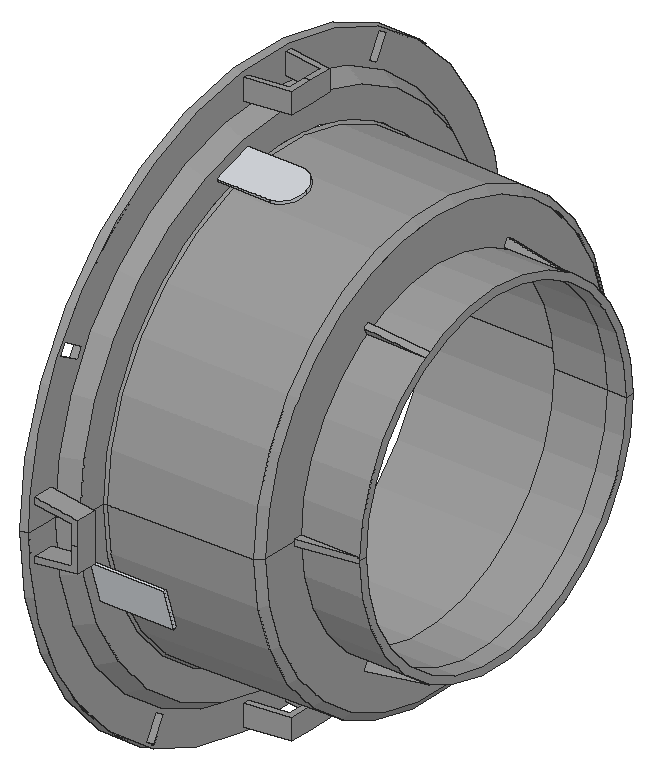
Revit family "CC100-X-Version1", category Pipe Accessories, Revit 2016
Family settings
  Part Type = Breaks Into
  Round Connector Dimension = Use Diameter
  Work Plane-Based = No
  Always vertical = No
  Cut with Voids When Loaded = No
  Shared = No
Parameters
  URL = "www.combatcollars.com.au"
  Model = "CC100-X"
  Manufacturer = "Combat Collars"
  Keynote = "The 'X' in the Model number should refer to either 'P' or 'G' (Purple or Green) depending on supplier."
  Description = "Combat Collar Clean 100"
Reference planes
  plane 1 "Center (Front/Back)": y = 0
  plane 2: z = 0
  plane 3 "Center (Left/Right)": x = -140
  plane 4: x = -230
  plane 5: x = -192.671
  plane 6: y = 90.593
  plane 7: y = -50
  plane 8: y = 100.593
  plane 9: y = -60
  plane 10: x = -212.35
  plane 11: x = -79.975
Forms (mm)
  Revolve 1, solid, material "PVC-Grey", detail levels medium+fine
    sketch origin (0, 0, 0) x (1, 0, 0) y (0, 1, 0)
      loop
        line (-150, 57.455) -> (-170, 57.455) -> (-170, 71.967) -> (-172.043, 74.56) -> (-221.025, 75.439) -> (-221.787, 76.201) -> (-221.871, 85.938) -> (-227.545, 89.325) -> (-227.545, 100.163) -> (-230, 100.756) -> (-229.916, 87.632) -> (-224.327, 84.414) -> (-224.242, 63.5) -> (-174.318, 63.5) -> (-174.318, 55) -> (-156.504, 55) -> (-150, 55) -> (-150, 57.455)
      axis (-230, 0) -> (-150, 0)
    angle from 0 to 360
  Extrusion 2, solid, material "PVC-White", not visible, detail levels fine
    sketch origin (0, 0, 0) x (1, 0, 0) y (0, 0, 1)
      loop
        line (-80, 60.418) -> (-227.967, 86.048) -> (-227.967, 69.12) -> (-80, 60.418)
    from -1.5 to 1.5
  Extrusion 3, solid, material "PVC-White", not visible, detail levels fine
    sketch origin (0, 0, 0) x (1, 0, 0) y (0, -0.5, 0.866025)
      loop
        line (-80, 60.418) -> (-227.967, 86.048) -> (-227.967, 69.12) -> (-80, 60.418)
    from -1.5 to 1.5
  Extrusion 4, solid, material "PVC-White", not visible, detail levels fine
    sketch origin (0, 0, 0) x (1, 0, 0) y (0, -0.866025, 0.5)
      loop
        line (-80, 60.418) -> (-227.967, 86.048) -> (-227.967, 69.12) -> (-80, 60.418)
    from -1.5 to 1.5
  Extrusion 5, solid, material "PVC-White", not visible, detail levels fine
    sketch origin (0, 0, 0) x (0, -1, 0) y (-1, 0, 0)
      loop
        line (60.418, 80) -> (86.048, 227.967) -> (69.12, 227.967) -> (60.418, 80)
    from -1.5 to 1.5
  Extrusion 6, solid, material "PVC-White", not visible, detail levels fine
    sketch origin (0, 0, 0) x (1, 0, 0) y (0, -0.866025, -0.5)
      loop
        line (-80, 60.418) -> (-227.967, 86.048) -> (-227.967, 69.12) -> (-80, 60.418)
    from -1.5 to 1.5
  Extrusion 7, solid, material "PVC-White", not visible, detail levels fine
    sketch origin (0, 0, 0) x (1, 0, 0) y (0, -0.5, -0.866025)
      loop
        line (-80, 60.418) -> (-227.967, 86.048) -> (-227.967, 69.12) -> (-80, 60.418)
    from -1.5 to 1.5
  Extrusion 8, solid, material "PVC-White", not visible, detail levels fine
    sketch origin (0, 0, 0) x (1, 0, 0) y (0, 0, -1)
      loop
        line (-80, 60.418) -> (-227.967, 86.048) -> (-227.967, 69.12) -> (-80, 60.418)
    from -1.5 to 1.5
  Extrusion 9, solid, material "PVC-White", not visible, detail levels fine
    sketch origin (0, 0, 0) x (1, 0, 0) y (0, 0.5, -0.866025)
      loop
        line (-80, 60.418) -> (-227.967, 86.048) -> (-227.967, 69.12) -> (-80, 60.418)
    from -1.5 to 1.5
  Extrusion 10, solid, material "PVC-White", not visible, detail levels fine
    sketch origin (0, 0, 0) x (1, 0, 0) y (0, 0.866025, -0.5)
      loop
        line (-80, 60.418) -> (-227.967, 86.048) -> (-227.967, 69.12) -> (-80, 60.418)
    from -1.5 to 1.5
  Extrusion 11, solid, material "PVC-White", not visible, detail levels fine
    sketch origin (0, 0, 0) x (1, 0, 0) y (0, 1, 0)
      loop
        line (-80, 60.418) -> (-227.967, 86.048) -> (-227.967, 69.12) -> (-80, 60.418)
    from -1.5 to 1.5
  Extrusion 12, solid, material "PVC-White", not visible, detail levels fine
    sketch origin (0, 0, 0) x (1, 0, 0) y (0, 0.866025, 0.5)
      loop
        line (-80, 60.418) -> (-227.967, 86.048) -> (-227.967, 69.12) -> (-80, 60.418)
    from -1.5 to 1.5
  Extrusion 13, solid, material "PVC-White", not visible, detail levels fine
    sketch origin (0, 0, 0) x (1, 0, 0) y (0, 0.5, 0.866025)
      loop
        line (-80, 60.418) -> (-227.967, 86.048) -> (-227.967, 69.12) -> (-80, 60.418)
    from -1.5 to 1.5
  Extrusion 14, solid, material "PVC-Grey"
    sketch origin (0, -16.749, 29.009) x (1, 0, 0) y (0, -0.5, 0.866025)
      loop
        line (-170.044, 26.962) -> (-170.044, 23.962) -> (-150, 23.962) -> (-170.044, 26.962)
    from -1 to 1
  Extrusion 15, solid, material "PVC-Purple", not visible
    sketch origin (0, -26.931, 15.549) x (1, 0, 0) y (0, -0.866025, 0.5)
      loop
        line (-180.974, 34.377) -> (-180.974, 23.962) -> (-151, 23.962) -> (-180.974, 34.377)
    from -1 to 1
  Extrusion 16, solid, material "PVC-Grey"
    sketch origin (-227.545, 0, 25) x (0, 0, -1) y (0, 1, 0)
      loop
        line (-73.063, 0) -> (-73.063, -10) -> (-66.024, -10) -> (-66.024, 0) -> (-66.024, 10) -> (-73.063, 10) -> (-73.063, 0)
    from 0 to 15
  Extrusion 17, void
    sketch origin (-227.545, 0, 98.063) x (0, -1, 0) y (1, 0, 0)
      loop
        line (-10, 15) -> (-10, 0) -> (-8, 15) -> (-10, 15)
      loop
        line (10, 15) -> (8, 15) -> (10, 0) -> (10, 15)
      loop
        line (6.249, 13) -> (-6.249, 13) -> (-7.982, 0) -> (7.982, 0) -> (6.249, 13)
    from -7.039 to 20
  Extrusion 18, solid, material "PVC-Purple", not visible
    sketch origin (-227.545, 0, 0) x (0, 0, -1) y (0, 1, 0)
      loop
        line (-73.063, 0) -> (-73.063, -10) -> (-66.024, -10) -> (-66.024, 0) -> (-66.024, 10) -> (-73.063, 10) -> (-73.063, 0)
    from 0 to 15
  Extrusion 19, void, not visible
    sketch origin (-227.545, 0, 73.063) x (0, -1, 0) y (1, 0, 0)
      loop
        line (-10, 15) -> (-10, 0) -> (-8, 15) -> (-10, 15)
      loop
        line (10, 15) -> (8, 15) -> (10, 0) -> (10, 15)
      loop
        line (6.249, 13) -> (-6.249, 13) -> (-7.982, 0) -> (7.982, 0) -> (6.249, 13)
    from -7.039 to 20
  Extrusion 20, solid, material "PVC-Purple", not visible
    sketch origin (-227.545, 0, 25) x (0, 0, -1) y (0, 1, 0)
      loop
        line (-73.063, 0) -> (-73.063, -10) -> (-66.024, -10) -> (-66.024, 0) -> (-66.024, 10) -> (-73.063, 10) -> (-73.063, 0)
    from 0 to 15
  Extrusion 21, void, not visible
    sketch origin (-227.545, 0, 98.063) x (0, -1, 0) y (1, 0, 0)
      loop
        line (-10, 15) -> (-10, 0) -> (-8, 15) -> (-10, 15)
      loop
        line (10, 15) -> (8, 15) -> (10, 0) -> (10, 15)
      loop
        line (6.249, 13) -> (-6.249, 13) -> (-7.982, 0) -> (7.982, 0) -> (6.249, 13)
    from -7.039 to 20
  Extrusion 22, void
    sketch origin (-227.545, 0, 0) x (0, 0.866025, -0.5) y (0, 0.5, 0.866025)
      loop
        line (-63.647, 36.747) -> (-64.397, 35.448) -> (-57.518, 31.476) -> (-56.374, 31.476) -> (-55.91, 32.28) -> (-55.446, 33.083) -> (-56.018, 34.074) -> (-62.897, 38.046) -> (-63.647, 36.747)
    from -15.249 to 10.232
  Extrusion 23, void
    sketch origin (-227.545, 0, 0) x (0, 0.5, 0.866025) y (0, -0.866025, 0.5)
      loop
        line (-63.647, 36.747) -> (-64.397, 35.448) -> (-57.518, 31.476) -> (-56.374, 31.476) -> (-55.91, 32.28) -> (-55.446, 33.083) -> (-56.018, 34.074) -> (-62.897, 38.046) -> (-63.647, 36.747)
    from -15.249 to 10.232
  Extrusion 24, void
    sketch origin (-227.545, 0, 0) x (0, -0.5, -0.866025) y (0, 0.866025, -0.5)
      loop
        line (-63.647, 36.747) -> (-64.397, 35.448) -> (-57.518, 31.476) -> (-56.374, 31.476) -> (-55.91, 32.28) -> (-55.446, 33.083) -> (-56.018, 34.074) -> (-62.897, 38.046) -> (-63.647, 36.747)
    from -15.249 to 10.232
  Extrusion 25, void
    sketch origin (-227.545, 0, 0) x (0, -0.866025, 0.5) y (0, -0.5, -0.866025)
      loop
        line (-63.647, 36.747) -> (-64.397, 35.448) -> (-57.518, 31.476) -> (-56.374, 31.476) -> (-55.91, 32.28) -> (-55.446, 33.083) -> (-56.018, 34.074) -> (-62.897, 38.046) -> (-63.647, 36.747)
    from -15.249 to 10.232
  Extrusion 26, solid
    sketch origin (-221.787, -6.442, 23.571) x (0, 0, -1) y (0, 1, 0)
      loop
        line (-58.041, -8.791) -> (-53.969, -21.86) -> (-53.014, -21.562) -> (-57.086, -8.493) -> (-58.041, -8.791)
    from 0 to 25
  Extrusion 27, void
    sketch origin (-221.787, -15.233, 81.612) x (0, -0.954728, -0.29748) y (1, 0, 0)
      loop
        arc (0, 18.157) -> (6.844, 25.001) -> (13.688, 18.157) r 6.844
        line (13.688, 18.157) -> (13.688, 26.633) -> (0, 26.633) -> (0, 18.157)
    from -1 to 1.489
  Extrusion 28, solid, not visible
    sketch origin (-221.787, 0, 0) x (0, 0, -1) y (0, 1, 0)
      loop
        line (-58.041, -8.791) -> (-53.969, -21.86) -> (-53.014, -21.562) -> (-57.086, -8.493) -> (-58.041, -8.791)
    from 0 to 25
  Extrusion 29, solid
    sketch origin (-221.787, 23.571, 6.442) x (0, -1, 0) y (0, 0, -1)
      loop
        line (-58.041, -8.791) -> (-53.969, -21.86) -> (-53.014, -21.562) -> (-57.086, -8.493) -> (-58.041, -8.791)
    from 0 to 25
  Extrusion 30, solid
    sketch origin (-221.787, -23.571, -6.442) x (0, 1, 0) y (0, 0, 1)
      loop
        line (-58.041, -8.791) -> (-53.969, -21.86) -> (-53.014, -21.562) -> (-57.086, -8.493) -> (-58.041, -8.791)
    from 0 to 25
  Extrusion 31, solid, material "PVC-Grey", not visible
    sketch origin (-227.545, 0, 25) x (0, 0, -1) y (0, 1, 0)
      loop
        line (-73.063, 0) -> (-73.063, -10) -> (-66.024, -10) -> (-66.024, 0) -> (-66.024, 10) -> (-73.063, 10) -> (-73.063, 0)
    from 0 to 15
  Extrusion 32, void, not visible
    sketch origin (-227.545, 0, 98.063) x (0, -1, 0) y (1, 0, 0)
      loop
        line (-10, 15) -> (-10, 0) -> (-8, 15) -> (-10, 15)
      loop
        line (10, 15) -> (8, 15) -> (10, 0) -> (10, 15)
      loop
        line (6.249, 13) -> (-6.249, 13) -> (-7.982, 0) -> (7.982, 0) -> (6.249, 13)
    from -7.039 to 20
  Extrusion 33, solid, material "PVC-Grey"
    sketch origin (-227.545, 25, 0) x (0, -1, 0) y (0, 0, -1)
      loop
        line (-73.063, 0) -> (-73.063, -10) -> (-66.024, -10) -> (-66.024, 0) -> (-66.024, 10) -> (-73.063, 10) -> (-73.063, 0)
    from 0 to 15
  Extrusion 34, void
    sketch origin (-227.545, 98.063, 0) x (0, 0, 1) y (1, 0, 0)
      loop
        line (-10, 15) -> (-10, 0) -> (-8, 15) -> (-10, 15)
      loop
        line (10, 15) -> (8, 15) -> (10, 0) -> (10, 15)
      loop
        line (6.249, 13) -> (-6.249, 13) -> (-7.982, 0) -> (7.982, 0) -> (6.249, 13)
    from -7.039 to 20
  Extrusion 35, solid, material "PVC-Grey"
    sketch origin (-227.545, -25, 0) x (0, 1, 0) y (0, 0, 1)
      loop
        line (-73.063, 0) -> (-73.063, -10) -> (-66.024, -10) -> (-66.024, 0) -> (-66.024, 10) -> (-73.063, 10) -> (-73.063, 0)
    from 0 to 15
  Extrusion 36, void
    sketch origin (-227.545, -98.063, 0) x (0, 0, -1) y (1, 0, 0)
      loop
        line (-10, 15) -> (-10, 0) -> (-8, 15) -> (-10, 15)
      loop
        line (10, 15) -> (8, 15) -> (10, 0) -> (10, 15)
      loop
        line (6.249, 13) -> (-6.249, 13) -> (-7.982, 0) -> (7.982, 0) -> (6.249, 13)
    from -7.039 to 20
  Extrusion 37, solid, material "PVC-Grey"
    sketch origin (-227.545, 0, -25) x (0, 0, 1) y (0, -1, 0)
      loop
        line (-73.063, 0) -> (-73.063, -10) -> (-66.024, -10) -> (-66.024, 0) -> (-66.024, 10) -> (-73.063, 10) -> (-73.063, 0)
    from 0 to 15
  Extrusion 38, void
    sketch origin (-227.545, 0, -98.063) x (1, 0, 0) y (0, -1, 0)
      loop
        line (15, 10) -> (0, 10) -> (15, 8) -> (15, 10)
      loop
        line (15, -10) -> (15, -8) -> (0, -10) -> (15, -10)
      loop
        line (13, -6.249) -> (13, 6.249) -> (0, 7.982) -> (0, -7.982) -> (13, -6.249)
    from -7.039 to 20
  Extrusion 39, solid, material "PVC-Grey", not visible
    sketch origin (0, -16.749, 29.009) x (1, 0, 0) y (0, -0.5, 0.866025)
      loop
        line (-170.044, 26.962) -> (-170.044, 23.962) -> (-150, 23.962) -> (-170.044, 26.962)
    from -1 to 1
  Extrusion 40, solid, material "PVC-Grey"
    sketch origin (0, 16.749, 29.009) x (1, 0, 0) y (0, 0.5, 0.866025)
      loop
        line (-170.044, 26.962) -> (-170.044, 23.962) -> (-150, 23.962) -> (-170.044, 26.962)
    from -1 to 1
  Extrusion 41, solid, material "PVC-Grey"
    sketch origin (0, -33.497, 0) x (0, -1, 0) y (-1, 0, 0)
      loop
        line (26.962, 170.044) -> (23.962, 170.044) -> (23.962, 150) -> (26.962, 170.044)
    from -1 to 1
  Extrusion 42, solid, material "PVC-Grey"
    sketch origin (0, -16.749, -29.009) x (1, 0, 0) y (0, -0.5, -0.866025)
      loop
        line (-170.044, 26.962) -> (-170.044, 23.962) -> (-150, 23.962) -> (-170.044, 26.962)
    from -1 to 1
  Extrusion 43, solid, material "PVC-Grey"
    sketch origin (0, 16.749, -29.009) x (1, 0, 0) y (0, 0.5, -0.866025)
      loop
        line (-170.044, 26.962) -> (-170.044, 23.962) -> (-150, 23.962) -> (-170.044, 26.962)
    from -1 to 1
  Extrusion 44, solid, material "PVC-Grey"
    sketch origin (0, 33.497, 0) x (1, 0, 0) y (0, 1, 0)
      loop
        line (-170.044, 26.962) -> (-170.044, 23.962) -> (-150, 23.962) -> (-170.044, 26.962)
    from -1 to 1
  Extrusion 45, void
    sketch origin (-227.545, 0, 0) x (0, 0, -1) y (0, 1, 0)
      loop
        line (-84.954, 50.94) -> (-86.992, 47.541) -> (-79.644, 43.135) -> (-77.606, 46.534) -> (-84.954, 50.94)
    from -15.249 to 5.758
  Extrusion 46, void, not visible
    sketch origin (-227.545, 0, 0) x (0, 0, -1) y (0, 1, 0)
      loop
        line (-84.954, 50.94) -> (-86.992, 47.541) -> (-79.644, 43.135) -> (-77.606, 46.534) -> (-84.954, 50.94)
    from -15.249 to 5.758
  Extrusion 47, void
    sketch origin (-227.545, 0, 0) x (0, -1, 0) y (0, 0, -1)
      loop
        line (-84.954, 50.94) -> (-86.992, 47.541) -> (-79.644, 43.135) -> (-77.606, 46.534) -> (-84.954, 50.94)
    from -15.249 to 5.758
  Extrusion 48, void
    sketch origin (-227.545, 0, 0) x (0, 1, 0) y (0, 0, 1)
      loop
        line (-84.954, 50.94) -> (-86.992, 47.541) -> (-79.644, 43.135) -> (-77.606, 46.534) -> (-84.954, 50.94)
    from -15.249 to 5.758
  Extrusion 49, void
    sketch origin (-227.545, 0, 0) x (0, 0, 1) y (0, -1, 0)
      loop
        line (-84.954, 50.94) -> (-86.992, 47.541) -> (-79.644, 43.135) -> (-77.606, 46.534) -> (-84.954, 50.94)
    from -15.249 to 5.758
  Extrusion 50, solid
    sketch origin (-221.787, 6.442, -23.571) x (0, 0, 1) y (0, -1, 0)
      loop
        line (-58.041, -8.791) -> (-53.969, -21.86) -> (-53.014, -21.562) -> (-57.086, -8.493) -> (-58.041, -8.791)
    from 0 to 25
Cuts and joins
  Extrusion 17, Extrusion 34 cuts Extrusion 16
  Extrusion 22, Extrusion 23, Extrusion 24, Extrusion 25, Extrusion 34, Extrusion 36, Extrusion 38, Extrusion 45, Extrusion 47, Extrusion 48, Extrusion 49 cuts Revolve 1
  Extrusion 27 cuts Extrusion 26
  Extrusion 34 cuts Extrusion 33
  Extrusion 36 cuts Extrusion 35
  Extrusion 38 cuts Extrusion 37
Dimensions and locks
  Extrusion 2 sketch curve to Extrusion 2 sketch curve = 0 mm
  Extrusion 3 sketch curve to Extrusion 3 sketch curve = 0 mm
  Extrusion 4 sketch curve to Extrusion 4 sketch curve = 0 mm
  Extrusion 5 sketch curve to Extrusion 5 sketch curve = 0 mm
  Extrusion 6 sketch curve to Extrusion 6 sketch curve = 0 mm
  Extrusion 7 sketch curve to Extrusion 7 sketch curve = 0 mm
  Extrusion 8 sketch curve to Extrusion 8 sketch curve = 0 mm
  Extrusion 9 sketch curve to Extrusion 9 sketch curve = 0 mm
  Extrusion 10 sketch curve to Extrusion 10 sketch curve = 0 mm
  Extrusion 11 sketch curve to Extrusion 11 sketch curve = 0 mm
  Extrusion 12 sketch curve to Extrusion 12 sketch curve = 0 mm
  Extrusion 13 sketch curve to Extrusion 13 sketch curve = 0 mm
  aligned and locked: level to plane 2
  aligned and locked: plane 1 "Center (Front/Back)" to Revolve 1 sketch curve
Connectors
  piping at (-212.35, 0, 0), diameter 100
    settings: on plane 10, index 4, connector inside diameter 609.6 mm, connector length 0 mm, flow factor 0, pipe flow 0.0 L/s, pressure drop 0.0 Pa, fitting loss kfactor 0, connector angle 0.00°, fixture units 0, engagement length 0 mm, angle of deflection 0.00°, flow configuration 0, flow direction 0, fitting loss method 0, system type 7, joint type 0, gender type 0, connector reference index -1, connector utility 0, adjustable connector no, is connector primary yes, connector description ""
  piping at (-192.671, 0, 0), diameter 100
    settings: on plane 5, index 5, connector inside diameter 609.6 mm, connector length 0 mm, flow factor 0, pipe flow 0.0 L/s, pressure drop 0.0 Pa, fitting loss kfactor 0, connector angle 0.00°, fixture units 0, engagement length 0 mm, angle of deflection 0.00°, flow configuration 0, flow direction 0, fitting loss method 0, system type 7, joint type 0, gender type 0, connector reference index -1, connector utility 0, adjustable connector no, is connector primary no, connector description ""
